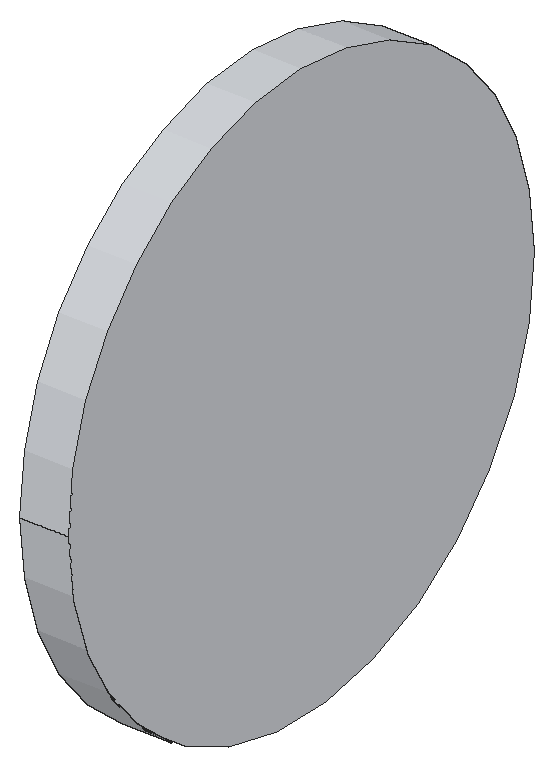
Revit family "a99fdbb3c9a548a0a5d12f6b1a1488aa", category Pipe Fittings, Revit 2021
Family settings
  Round Connector Dimension = Use Radius
  Part Type = Cap
  OmniClass Number = 23.60.30.11.14
  OmniClass Title = Pipework Fittings
  Seek Item ID = Flange - Threaded - GI - Class 250-0000-USA-ENU
  Work Plane-Based = No
  Always vertical = Yes
  Cut with Voids When Loaded = No
  Shared = No
Parameters (values of type "Standard")
  Tick Size [instance] = Flange Diameter * 0.4  # 2.4000"
  Nominal Radius [instance] = 1.0000"
  Nominal Diameter [instance] = Nominal Radius * 2  # 2.0000"
  Loss Method = Not Defined
  Lookup Table Name = "Flange - Blind - Stainless Steel - Class 50"
  Flange Thickness [instance] = size_lookup(Lookup Table Name, "FThk", 0.04 * Nominal Diameter + 0.2600", Nominal Diameter)  # 0.5000"
  Flange Radius [instance] = Flange Diameter / 2  # 3.0000"
  Flange Diameter [instance] = size_lookup(Lookup Table Name, "FDia", 1.15 * Nominal Diameter + 4.4800", Nominal Diameter)  # 6.0000"
  Default Elevation = 0.0000"
Reference planes (in)
  plane 1 "Center (Front/Back)": y = 0
  plane 2: z = 0
  plane 3 "Center (Left/Right)": x = 0
  plane 4: y = 2.4
  plane 5: y = -2.4
  plane 6: x = 0.5
Forms (in)
  Extrusion 1, solid, detail levels fine
    sketch origin (0, 0, 0) x (0, 1, 0) y (0, 0, 1)
      loop
        circle (0, 0) r 3
    from 0 to 0.5
Lines and regions (in)
  model lines, detail levels coarse+medium
    curve 1: line (0, 2.4, 0) -> (0, -2.4, 0)
Dimensions and locks (in)
  equal spacing: plane 4, plane 1 "Center (Front/Back)", plane 5
  "Tick Size": plane 4 to plane 1 "Center (Front/Back)"
  "Flange Thickness": plane 3 "Center (Left/Right)" to plane 6
  "Flange Radius": radius of Extrusion 1 sketch curve
  aligned and locked: plane 4 to curve 1
  aligned and locked: plane 5 to curve 1
  aligned and locked: plane 6 to Extrusion 1
  aligned and locked: Extrusion 1 to plane 3 "Center (Left/Right)"
  aligned and locked: curve 1 to plane 3 "Center (Left/Right)"
Automatic sketch dimensions
  Extrusion 1 sketch curve to level = 0.0000"
  Extrusion 1 sketch curve to plane 1 "Center (Front/Back)" = 0.0000"
Connectors (in)
  piping at (0, 0, 0), diameter 2, driven by "Nominal Radius"
    settings: on Extrusion 1, index 1, connector inside diameter 2.0000", connector length 0.0000", flow factor 0, pipe flow 0 GPM, pressure drop 0.00 psi, fitting loss kfactor 0, connector angle 0.00°, fixture units 0, engagement length 0.0000", angle of deflection 0.00°, flow configuration 0, flow direction 0, fitting loss method 0, system type 28, joint type 0, gender type 0, connector reference index -1, connector utility 0, adjustable connector no, is connector primary yes, connector description ""
